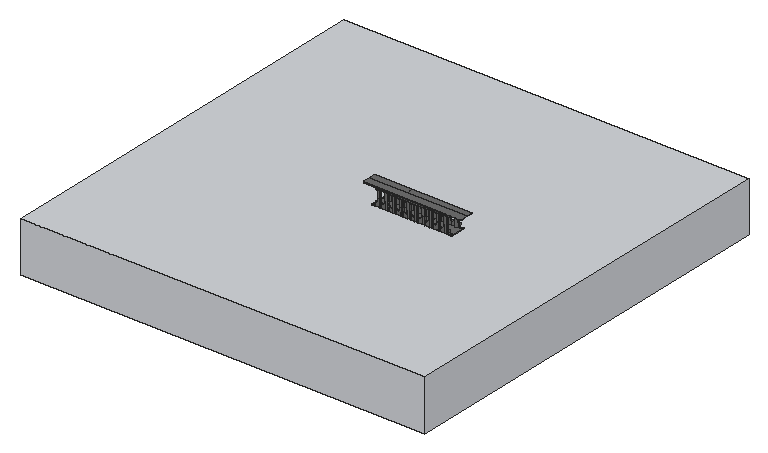
Revit family
Parameters
  Weight = 2.114 lbf
  U/M = "EA"
  U Space = "2"
  System = "Racks, Cable Mgt & RouteIT"
  Serial Number = "RS-RWM-2"
  Segment = "CSS"
  Ports = "0"
  Model = "CABLE MANAGER"
  Metal = none
  Manufacturer = "SIEMON"
  Loaded/Empty = "N/A"
  Item Group = "RACKS"
  Item Class = "1D"
  Description = "RS RACK MOUNT CABLE MANAGER  W/ COVER,BLACK,SINGLE SIDED,2RMS"
  Default Elevation = 4' - 0"
  Color = ""
Reference planes (in)
  plane 1 "Center (Front/Back)": y = 0
  plane 2: z = 0
  plane 3 "Center (Left/Right)": x = 0
Forms (in)
  Extrusion 1, solid
    sketch origin (0, 0, 0) x (1, 0, 0) y (0, 1, 0)
      loop
        line (-48, 48) -> (-48, -48) -> (48, -48) -> (48, 48) -> (-48, 48)
    from 0 to -12
Dimensions and locks (in)
  aligned and locked: plane 2 to Extrusion 1
  aligned and locked: level to Extrusion 1
Nested families (in)
  nested 1: "RS-RWM-2[1][1]" at (9.24416, -3.16647, -1.91527) x (0, 1, 0) z (0, 0, 1), type "RS-RWM-2[1][1]"
Definition of nested family "RS-RWM-2[1][1]"
  Parameters (values of type "RS-RWM-2[1][1]")
    Width = 0.48
    Weight = "1 kgs (2.1 lbs)"
    UL Rating = "UL 1863"
    U Space / Capacity = "2U"
    Text1 = Symbol
    Text = Text
    Part Number = "RS-RWM-2"
    Material = Aluminum w/plastic fingers
    Manufacturer contact info/website = "www.siemon.com"
    Manufacturer = "Siemon"
    Height = 0.089
    Description = "Horizontal Cable Manager"
    Depth = 0.102
    Clearance = "89mm (3.5 in.) Front"
    Assembly Code = ""
  Reference planes (in)
    plane 1: z = 1.91527
    plane 2 "Center (Left/Right)": x = 1.66967
    plane 3: y = 0
    plane 4: y = 0
    plane 5: y = -0.79466
    plane 6: y = -0.79466
    plane 7: z = 1.73226
    plane 8: y = 0.07873
  Forms (in)
    Blend 1, solid, material "Aluminum w/plastic fingers" <- "Material"
      base sketch origin (18.22169, 6.00134, 1.93377) x (0, 1, 0) y (0.999657, 0, 0.026177)
        loop
          arc (-7.07514, -18.16629) -> (-6.796, -17.88715) -> (-6.51686, -18.16629) r 0.27914
          line (-6.51686, -18.16629) -> (-5.32317, -18.16629)
          arc (-5.32317, -18.16629) -> (-5.04403, -17.88715) -> (-4.76489, -18.16629) r 0.27914
          line (-4.76489, -18.16629) -> (-3.57121, -18.16629)
          arc (-3.57121, -18.16629) -> (-3.29206, -17.88715) -> (-3.01292, -18.16629) r 0.27914
          line (-3.01292, -18.16629) -> (-1.81924, -18.16629)
          arc (-1.81924, -18.16629) -> (-1.5401, -17.88715) -> (-1.26095, -18.16629) r 0.27914
          line (-1.26095, -18.16629) -> (-0.06727, -18.16629)
          arc (-0.06727, -18.16629) -> (0.21187, -17.88715) -> (0.49102, -18.16629) r 0.27914
          line (0.49102, -18.16629) -> (1.6847, -18.16629)
          arc (1.6847, -18.16629) -> (1.96384, -17.88715) -> (2.24298, -18.16629) r 0.27914
          line (2.24298, -18.16629) -> (2.83983, -18.16629) -> (2.83983, -18.07653) -> (2.32166, -18.07653)
          arc (2.32166, -18.07653) -> (1.96384, -17.79739) -> (1.60602, -18.07653) r 0.36891
          line (1.60602, -18.07653) -> (0.56969, -18.07653)
          arc (0.56969, -18.07653) -> (0.21187, -17.79739) -> (-0.14595, -18.07653) r 0.36891
          line (-0.14595, -18.07653) -> (-1.18228, -18.07653)
          arc (-1.18228, -18.07653) -> (-1.5401, -17.79739) -> (-1.89791, -18.07653) r 0.36891
          line (-1.89791, -18.07653) -> (-2.93424, -18.07653)
          arc (-2.93424, -18.07653) -> (-3.29206, -17.79739) -> (-3.64988, -18.07653) r 0.36891
          line (-3.64988, -18.07653) -> (-4.68621, -18.07653)
          arc (-4.68621, -18.07653) -> (-5.04403, -17.79739) -> (-5.40185, -18.07653) r 0.36891
          line (-5.40185, -18.07653) -> (-6.43818, -18.07653)
          arc (-6.43818, -18.07653) -> (-6.796, -17.79739) -> (-7.15382, -18.07653) r 0.36891
          line (-7.15382, -18.07653) -> (-8.19015, -18.07653)
          arc (-8.19015, -18.07653) -> (-8.54797, -17.79739) -> (-8.90579, -18.07653) r 0.36891
          line (-8.90579, -18.07653) -> (-9.94212, -18.07653)
          arc (-9.94212, -18.07653) -> (-10.29994, -17.79739) -> (-10.65776, -18.07653) r 0.36891
          line (-10.65776, -18.07653) -> (-11.69409, -18.07653)
          arc (-11.69409, -18.07653) -> (-12.05191, -17.79739) -> (-12.40973, -18.07653) r 0.36891
          line (-12.40973, -18.07653) -> (-13.44606, -18.07653)
          arc (-13.44606, -18.07653) -> (-13.80387, -17.79739) -> (-14.16169, -18.07653) r 0.36891
          line (-14.16169, -18.07653) -> (-14.67986, -18.07653) -> (-14.67986, -18.16629) -> (-14.08302, -18.16629)
          arc (-14.08302, -18.16629) -> (-13.80387, -17.88715) -> (-13.52473, -18.16629) r 0.27914
          line (-13.52473, -18.16629) -> (-12.33105, -18.16629)
          arc (-12.33105, -18.16629) -> (-12.05191, -17.88715) -> (-11.77276, -18.16629) r 0.27914
          line (-11.77276, -18.16629) -> (-10.57908, -18.16629)
          arc (-10.57908, -18.16629) -> (-10.29994, -17.88715) -> (-10.0208, -18.16629) r 0.27914
          line (-10.0208, -18.16629) -> (-8.82711, -18.16629)
          arc (-8.82711, -18.16629) -> (-8.54797, -17.88715) -> (-8.26883, -18.16629) r 0.27914
          line (-8.26883, -18.16629) -> (-7.07514, -18.16629)
      top sketch origin (18.22169, 6.00134, 1.93377) x (0, 1, 0) y (0.999657, 0, 0.026177)
        loop
          arc (-7.00762, -18.16629) -> (-6.796, -17.95468) -> (-6.58439, -18.16629) r 0.21161
          line (-6.58439, -18.16629) -> (-5.25565, -18.16629)
          arc (-5.25565, -18.16629) -> (-5.04403, -17.95468) -> (-4.83242, -18.16629) r 0.21161
          line (-4.83242, -18.16629) -> (-3.50368, -18.16629)
          arc (-3.50368, -18.16629) -> (-3.29206, -17.95468) -> (-3.08045, -18.16629) r 0.21161
          line (-3.08045, -18.16629) -> (-1.75171, -18.16629)
          arc (-1.75171, -18.16629) -> (-1.5401, -17.95468) -> (-1.32848, -18.16629) r 0.21161
          line (-1.32848, -18.16629) -> (0.00026, -18.16629)
          arc (0.00026, -18.16629) -> (0.21187, -17.95468) -> (0.42349, -18.16629) r 0.21161
          line (0.42349, -18.16629) -> (1.75223, -18.16629)
          arc (1.75223, -18.16629) -> (1.96384, -17.95468) -> (2.17546, -18.16629) r 0.21161
          line (2.17546, -18.16629) -> (2.83983, -18.16629) -> (2.83983, -18.07653) -> (2.32166, -18.07653)
          arc (2.32166, -18.07653) -> (1.96384, -17.79739) -> (1.60602, -18.07653) r 0.36891
          line (1.60602, -18.07653) -> (0.56969, -18.07653)
          arc (0.56969, -18.07653) -> (0.21187, -17.79739) -> (-0.14595, -18.07653) r 0.36891
          line (-0.14595, -18.07653) -> (-1.18228, -18.07653)
          arc (-1.18228, -18.07653) -> (-1.5401, -17.79739) -> (-1.89791, -18.07653) r 0.36891
          line (-1.89791, -18.07653) -> (-2.93424, -18.07653)
          arc (-2.93424, -18.07653) -> (-3.29206, -17.79739) -> (-3.64988, -18.07653) r 0.36891
          line (-3.64988, -18.07653) -> (-4.68621, -18.07653)
          arc (-4.68621, -18.07653) -> (-5.04403, -17.79739) -> (-5.40185, -18.07653) r 0.36891
          line (-5.40185, -18.07653) -> (-6.43818, -18.07653)
          arc (-6.43818, -18.07653) -> (-6.796, -17.79739) -> (-7.15382, -18.07653) r 0.36891
          line (-7.15382, -18.07653) -> (-8.19015, -18.07653)
          arc (-8.19015, -18.07653) -> (-8.54797, -17.79739) -> (-8.90579, -18.07653) r 0.36891
          line (-8.90579, -18.07653) -> (-9.94212, -18.07653)
          arc (-9.94212, -18.07653) -> (-10.29994, -17.79739) -> (-10.65776, -18.07653) r 0.36891
          line (-10.65776, -18.07653) -> (-11.69409, -18.07653)
          arc (-11.69409, -18.07653) -> (-12.05191, -17.79739) -> (-12.40973, -18.07653) r 0.36891
          line (-12.40973, -18.07653) -> (-13.44606, -18.07653)
          arc (-13.44606, -18.07653) -> (-13.80387, -17.79739) -> (-14.16169, -18.07653) r 0.36891
          line (-14.16169, -18.07653) -> (-14.67986, -18.07653) -> (-14.67986, -18.16629) -> (-14.01549, -18.16629)
          arc (-14.01549, -18.16629) -> (-13.80387, -17.95468) -> (-13.59226, -18.16629) r 0.21161
          line (-13.59226, -18.16629) -> (-12.26352, -18.16629)
          arc (-12.26352, -18.16629) -> (-12.05191, -17.95468) -> (-11.84029, -18.16629) r 0.21161
          line (-11.84029, -18.16629) -> (-10.51155, -18.16629)
          arc (-10.51155, -18.16629) -> (-10.29994, -17.95468) -> (-10.08832, -18.16629) r 0.21161
          line (-10.08832, -18.16629) -> (-8.75958, -18.16629)
          arc (-8.75958, -18.16629) -> (-8.54797, -17.95468) -> (-8.33636, -18.16629) r 0.21161
          line (-8.33636, -18.16629) -> (-7.00762, -18.16629)
      from -4.05861 to -0.36437
    Extrusion 2, solid, material "Aluminum w/plastic fingers" <- "Material"
      sketch origin (3.40773, -1.00654, 0.54386) x (0, 0, 1) y (1, 0, 0)
        loop
          circle (5.12793, -3.29927) r 0.15718
      from -0.46101 to 0.8801
    Extrusion 3, solid, material "Aluminum w/plastic fingers" <- "Material"
      sketch origin (3.40773, -2.75799, 0.54386) x (0, 0, 1) y (1, 0, 0)
        loop
          circle (5.12793, -3.29927) r 0.15718
      from -0.46101 to 0.8801
    Extrusion 4, solid, material "Aluminum w/plastic fingers" <- "Material"
      sketch origin (3.40773, -4.50944, 0.54386) x (0, 0, 1) y (1, 0, 0)
        loop
          circle (5.12793, -3.29927) r 0.15718
      from -0.46101 to 0.8801
    Extrusion 5, solid, material "Aluminum w/plastic fingers" <- "Material"
      sketch origin (3.40773, -6.26089, 0.54386) x (0, 0, 1) y (1, 0, 0)
        loop
          circle (5.12793, -3.29927) r 0.15718
      from -0.46101 to 0.8801
    Extrusion 6, solid, material "Aluminum w/plastic fingers" <- "Material"
      sketch origin (3.40773, -8.01234, 0.54386) x (0, 0, 1) y (1, 0, 0)
        loop
          circle (5.12793, -3.29927) r 0.15718
      from -0.46101 to 0.8801
    Extrusion 7, solid, material "Aluminum w/plastic fingers" <- "Material"
      sketch origin (3.40773, 0.76512, 0.54386) x (0, 0, 1) y (1, 0, 0)
        loop
          circle (5.12793, -3.29927) r 0.15718
      from -0.46101 to 0.8801
    Extrusion 8, solid, material "Aluminum w/plastic fingers" <- "Material"
      sketch origin (3.40773, 2.49636, 0.54386) x (0, 0, 1) y (1, 0, 0)
        loop
          circle (5.12793, -3.29927) r 0.15718
      from -0.46101 to 0.8801
    Extrusion 9, solid, material "Aluminum w/plastic fingers" <- "Material"
      sketch origin (3.40773, 4.24781, 0.54386) x (0, 0, 1) y (1, 0, 0)
        loop
          circle (5.12793, -3.29927) r 0.15718
      from -0.46101 to 0.8801
    Extrusion 10, solid, material "Aluminum w/plastic fingers" <- "Material"
      sketch origin (3.40773, 5.99927, 0.54386) x (0, 0, 1) y (1, 0, 0)
        loop
          circle (5.12793, -3.29927) r 0.15718
      from -0.46101 to 0.8801
    Extrusion 11, solid, material "Aluminum w/plastic fingers" <- "Material"
      sketch origin (3.40773, 7.75072, 0.54386) x (0, 0, 1) y (1, 0, 0)
        loop
          circle (5.12793, -3.29927) r 0.15718
      from -0.46101 to 0.8801
    Extrusion 12, void
      sketch origin (3.40011, -1.00654, 3.10323) x (0, 1, 0) y (0, 0, -1)
        loop
          line (5.83343, 0.11685) -> (5.83343, -2.32449)
          arc (5.83343, -2.32449) -> (5.86226, -2.39409) -> (5.93186, -2.42291) r 0.09843
          line (5.93186, -2.42291) -> (6.74738, -2.42291)
          arc (6.74738, -2.42291) -> (6.81698, -2.39409) -> (6.84581, -2.32449) r 0.09843
          line (6.84581, -2.32449) -> (6.84581, 0.11685)
          arc (6.84581, 0.11685) -> (6.81698, 0.18645) -> (6.74738, 0.21528) r 0.09843
          line (6.74738, 0.21528) -> (5.93186, 0.21528)
          arc (5.93186, 0.21528) -> (5.86226, 0.18645) -> (5.83343, 0.11685) r 0.09843
      from 2.95632 to 3.49886
    Extrusion 13, void
      sketch origin (3.40011, -2.75799, 3.10323) x (0, 1, 0) y (0, 0, -1)
        loop
          line (5.83343, 0.11685) -> (5.83343, -2.32449)
          arc (5.83343, -2.32449) -> (5.86226, -2.39409) -> (5.93186, -2.42291) r 0.09843
          line (5.93186, -2.42291) -> (6.74738, -2.42291)
          arc (6.74738, -2.42291) -> (6.81698, -2.39409) -> (6.84581, -2.32449) r 0.09843
          line (6.84581, -2.32449) -> (6.84581, 0.11685)
          arc (6.84581, 0.11685) -> (6.81698, 0.18645) -> (6.74738, 0.21528) r 0.09843
          line (6.74738, 0.21528) -> (5.93186, 0.21528)
          arc (5.93186, 0.21528) -> (5.86226, 0.18645) -> (5.83343, 0.11685) r 0.09843
      from 2.95632 to 3.49886
    Extrusion 14, void
      sketch origin (3.40011, -4.50944, 3.10323) x (0, 1, 0) y (0, 0, -1)
        loop
          line (5.83343, 0.11685) -> (5.83343, -2.32449)
          arc (5.83343, -2.32449) -> (5.86226, -2.39409) -> (5.93186, -2.42291) r 0.09843
          line (5.93186, -2.42291) -> (6.74738, -2.42291)
          arc (6.74738, -2.42291) -> (6.81698, -2.39409) -> (6.84581, -2.32449) r 0.09843
          line (6.84581, -2.32449) -> (6.84581, 0.11685)
          arc (6.84581, 0.11685) -> (6.81698, 0.18645) -> (6.74738, 0.21528) r 0.09843
          line (6.74738, 0.21528) -> (5.93186, 0.21528)
          arc (5.93186, 0.21528) -> (5.86226, 0.18645) -> (5.83343, 0.11685) r 0.09843
      from 2.95632 to 3.49886
    Extrusion 15, void
      sketch origin (3.40011, -6.26089, 3.10323) x (0, 1, 0) y (0, 0, -1)
        loop
          line (5.83343, 0.11685) -> (5.83343, -2.32449)
          arc (5.83343, -2.32449) -> (5.86226, -2.39409) -> (5.93186, -2.42291) r 0.09843
          line (5.93186, -2.42291) -> (6.74738, -2.42291)
          arc (6.74738, -2.42291) -> (6.81698, -2.39409) -> (6.84581, -2.32449) r 0.09843
          line (6.84581, -2.32449) -> (6.84581, 0.11685)
          arc (6.84581, 0.11685) -> (6.81698, 0.18645) -> (6.74738, 0.21528) r 0.09843
          line (6.74738, 0.21528) -> (5.93186, 0.21528)
          arc (5.93186, 0.21528) -> (5.86226, 0.18645) -> (5.83343, 0.11685) r 0.09843
      from 2.95632 to 3.49886
    Extrusion 16, void
      sketch origin (3.40011, -8.01234, 3.10323) x (0, 1, 0) y (0, 0, -1)
        loop
          line (5.83343, 0.11685) -> (5.83343, -2.32449)
          arc (5.83343, -2.32449) -> (5.86226, -2.39409) -> (5.93186, -2.42291) r 0.09843
          line (5.93186, -2.42291) -> (6.74738, -2.42291)
          arc (6.74738, -2.42291) -> (6.81698, -2.39409) -> (6.84581, -2.32449) r 0.09843
          line (6.84581, -2.32449) -> (6.84581, 0.11685)
          arc (6.84581, 0.11685) -> (6.81698, 0.18645) -> (6.74738, 0.21528) r 0.09843
          line (6.74738, 0.21528) -> (5.93186, 0.21528)
          arc (5.93186, 0.21528) -> (5.86226, 0.18645) -> (5.83343, 0.11685) r 0.09843
      from 2.95632 to 3.49886
    Extrusion 17, void
      sketch origin (3.40011, -9.76379, 3.10323) x (0, 1, 0) y (0, 0, -1)
        loop
          line (5.83343, 0.11685) -> (5.83343, -2.32449)
          arc (5.83343, -2.32449) -> (5.86226, -2.39409) -> (5.93186, -2.42291) r 0.09843
          line (5.93186, -2.42291) -> (6.74738, -2.42291)
          arc (6.74738, -2.42291) -> (6.81698, -2.39409) -> (6.84581, -2.32449) r 0.09843
          line (6.84581, -2.32449) -> (6.84581, 0.11685)
          arc (6.84581, 0.11685) -> (6.81698, 0.18645) -> (6.74738, 0.21528) r 0.09843
          line (6.74738, 0.21528) -> (5.93186, 0.21528)
          arc (5.93186, 0.21528) -> (5.86226, 0.18645) -> (5.83343, 0.11685) r 0.09843
      from 2.95632 to 3.49886
    Extrusion 18, void
      sketch origin (3.40011, -11.51524, 3.10323) x (0, 1, 0) y (0, 0, -1)
        loop
          line (5.83343, 0.11685) -> (5.83343, -2.32449)
          arc (5.83343, -2.32449) -> (5.86226, -2.39409) -> (5.93186, -2.42291) r 0.09843
          line (5.93186, -2.42291) -> (6.74738, -2.42291)
          arc (6.74738, -2.42291) -> (6.81698, -2.39409) -> (6.84581, -2.32449) r 0.09843
          line (6.84581, -2.32449) -> (6.84581, 0.11685)
          arc (6.84581, 0.11685) -> (6.81698, 0.18645) -> (6.74738, 0.21528) r 0.09843
          line (6.74738, 0.21528) -> (5.93186, 0.21528)
          arc (5.93186, 0.21528) -> (5.86226, 0.18645) -> (5.83343, 0.11685) r 0.09843
      from 2.95632 to 3.49886
    Extrusion 19, void
      sketch origin (3.40011, -13.26669, 3.10323) x (0, 1, 0) y (0, 0, -1)
        loop
          line (5.83343, 0.11685) -> (5.83343, -2.32449)
          arc (5.83343, -2.32449) -> (5.86226, -2.39409) -> (5.93186, -2.42291) r 0.09843
          line (5.93186, -2.42291) -> (6.74738, -2.42291)
          arc (6.74738, -2.42291) -> (6.81698, -2.39409) -> (6.84581, -2.32449) r 0.09843
          line (6.84581, -2.32449) -> (6.84581, 0.11685)
          arc (6.84581, 0.11685) -> (6.81698, 0.18645) -> (6.74738, 0.21528) r 0.09843
          line (6.74738, 0.21528) -> (5.93186, 0.21528)
          arc (5.93186, 0.21528) -> (5.86226, 0.18645) -> (5.83343, 0.11685) r 0.09843
      from 2.95632 to 3.49886
    Extrusion 20, void
      sketch origin (3.40011, -15.01814, 3.10323) x (0, 1, 0) y (0, 0, -1)
        loop
          line (5.83343, 0.11685) -> (5.83343, -2.32449)
          arc (5.83343, -2.32449) -> (5.86226, -2.39409) -> (5.93186, -2.42291) r 0.09843
          line (5.93186, -2.42291) -> (6.74738, -2.42291)
          arc (6.74738, -2.42291) -> (6.81698, -2.39409) -> (6.84581, -2.32449) r 0.09843
          line (6.84581, -2.32449) -> (6.84581, 0.11685)
          arc (6.84581, 0.11685) -> (6.81698, 0.18645) -> (6.74738, 0.21528) r 0.09843
          line (6.74738, 0.21528) -> (5.93186, 0.21528)
          arc (5.93186, 0.21528) -> (5.86226, 0.18645) -> (5.83343, 0.11685) r 0.09843
      from 2.95632 to 3.49886
    Extrusion 21, void
      sketch origin (3.40011, 0.74491, 3.10323) x (0, 1, 0) y (0, 0, -1)
        loop
          line (5.83343, 0.11685) -> (5.83343, -2.32449)
          arc (5.83343, -2.32449) -> (5.86226, -2.39409) -> (5.93186, -2.42291) r 0.09843
          line (5.93186, -2.42291) -> (6.74738, -2.42291)
          arc (6.74738, -2.42291) -> (6.81698, -2.39409) -> (6.84581, -2.32449) r 0.09843
          line (6.84581, -2.32449) -> (6.84581, 0.11685)
          arc (6.84581, 0.11685) -> (6.81698, 0.18645) -> (6.74738, 0.21528) r 0.09843
          line (6.74738, 0.21528) -> (5.93186, 0.21528)
          arc (5.93186, 0.21528) -> (5.86226, 0.18645) -> (5.83343, 0.11685) r 0.09843
      from 2.95632 to 3.49886
    Extrusion 22, void
      sketch origin (3.40011, 2.49636, 3.10323) x (0, 1, 0) y (0, 0, -1)
        loop
          line (5.83343, 0.11685) -> (5.83343, -2.32449)
          arc (5.83343, -2.32449) -> (5.86226, -2.39409) -> (5.93186, -2.42291) r 0.09843
          line (5.93186, -2.42291) -> (6.74738, -2.42291)
          arc (6.74738, -2.42291) -> (6.81698, -2.39409) -> (6.84581, -2.32449) r 0.09843
          line (6.84581, -2.32449) -> (6.84581, 0.11685)
          arc (6.84581, 0.11685) -> (6.81698, 0.18645) -> (6.74738, 0.21528) r 0.09843
          line (6.74738, 0.21528) -> (5.93186, 0.21528)
          arc (5.93186, 0.21528) -> (5.86226, 0.18645) -> (5.83343, 0.11685) r 0.09843
      from 2.95632 to 3.49886
    Blend 23, solid, material "Aluminum w/plastic fingers" <- "Material"
      base sketch origin (-14.88599, 6.00134, 1.93377) x (0, 1, 0) y (0.999657, 0, -0.026177)
        loop
          line (-7.07514, 18.16629) -> (-8.26883, 18.16629)
          arc (-8.26883, 18.16629) -> (-8.54797, 17.88715) -> (-8.82711, 18.16629) r 0.27914
          line (-8.82711, 18.16629) -> (-10.0208, 18.16629)
          arc (-10.0208, 18.16629) -> (-10.29994, 17.88715) -> (-10.57908, 18.16629) r 0.27914
          line (-10.57908, 18.16629) -> (-11.77276, 18.16629)
          arc (-11.77276, 18.16629) -> (-12.05191, 17.88715) -> (-12.33105, 18.16629) r 0.27914
          line (-12.33105, 18.16629) -> (-13.52473, 18.16629)
          arc (-13.52473, 18.16629) -> (-13.80387, 17.88715) -> (-14.08302, 18.16629) r 0.27914
          line (-14.08302, 18.16629) -> (-14.67986, 18.16629) -> (-14.67986, 18.07653) -> (-14.16169, 18.07653)
          arc (-14.16169, 18.07653) -> (-13.80387, 17.79739) -> (-13.44606, 18.07653) r 0.36891
          line (-13.44606, 18.07653) -> (-12.40973, 18.07653)
          arc (-12.40973, 18.07653) -> (-12.05191, 17.79739) -> (-11.69409, 18.07653) r 0.36891
          line (-11.69409, 18.07653) -> (-10.65776, 18.07653)
          arc (-10.65776, 18.07653) -> (-10.29994, 17.79739) -> (-9.94212, 18.07653) r 0.36891
          line (-9.94212, 18.07653) -> (-8.90579, 18.07653)
          arc (-8.90579, 18.07653) -> (-8.54797, 17.79739) -> (-8.19015, 18.07653) r 0.36891
          line (-8.19015, 18.07653) -> (-7.15382, 18.07653)
          arc (-7.15382, 18.07653) -> (-6.796, 17.79739) -> (-6.43818, 18.07653) r 0.36891
          line (-6.43818, 18.07653) -> (-5.40185, 18.07653)
          arc (-5.40185, 18.07653) -> (-5.04403, 17.79739) -> (-4.68621, 18.07653) r 0.36891
          line (-4.68621, 18.07653) -> (-3.64988, 18.07653)
          arc (-3.64988, 18.07653) -> (-3.29206, 17.79739) -> (-2.93424, 18.07653) r 0.36891
          line (-2.93424, 18.07653) -> (-1.89791, 18.07653)
          arc (-1.89791, 18.07653) -> (-1.5401, 17.79739) -> (-1.18228, 18.07653) r 0.36891
          line (-1.18228, 18.07653) -> (-0.14595, 18.07653)
          arc (-0.14595, 18.07653) -> (0.21187, 17.79739) -> (0.56969, 18.07653) r 0.36891
          line (0.56969, 18.07653) -> (1.60602, 18.07653)
          arc (1.60602, 18.07653) -> (1.96384, 17.79739) -> (2.32166, 18.07653) r 0.36891
          line (2.32166, 18.07653) -> (2.83983, 18.07653) -> (2.83983, 18.16629) -> (2.24298, 18.16629)
          arc (2.24298, 18.16629) -> (1.96384, 17.88715) -> (1.6847, 18.16629) r 0.27914
          line (1.6847, 18.16629) -> (0.49102, 18.16629)
          arc (0.49102, 18.16629) -> (0.21187, 17.88715) -> (-0.06727, 18.16629) r 0.27914
          line (-0.06727, 18.16629) -> (-1.26095, 18.16629)
          arc (-1.26095, 18.16629) -> (-1.5401, 17.88715) -> (-1.81924, 18.16629) r 0.27914
          line (-1.81924, 18.16629) -> (-3.01292, 18.16629)
          arc (-3.01292, 18.16629) -> (-3.29206, 17.88715) -> (-3.57121, 18.16629) r 0.27914
          line (-3.57121, 18.16629) -> (-4.76489, 18.16629)
          arc (-4.76489, 18.16629) -> (-5.04403, 17.88715) -> (-5.32317, 18.16629) r 0.27914
          line (-5.32317, 18.16629) -> (-6.51686, 18.16629)
          arc (-6.51686, 18.16629) -> (-6.796, 17.88715) -> (-7.07514, 18.16629) r 0.27914
      top sketch origin (-14.88599, 6.00134, 1.93377) x (0, 1, 0) y (0.999657, 0, -0.026177)
        loop
          line (-7.00762, 18.16629) -> (-8.33636, 18.16629)
          arc (-8.33636, 18.16629) -> (-8.54797, 17.95468) -> (-8.75958, 18.16629) r 0.21161
          line (-8.75958, 18.16629) -> (-10.08832, 18.16629)
          arc (-10.08832, 18.16629) -> (-10.29994, 17.95468) -> (-10.51155, 18.16629) r 0.21161
          line (-10.51155, 18.16629) -> (-11.84029, 18.16629)
          arc (-11.84029, 18.16629) -> (-12.05191, 17.95468) -> (-12.26352, 18.16629) r 0.21161
          line (-12.26352, 18.16629) -> (-13.59226, 18.16629)
          arc (-13.59226, 18.16629) -> (-13.80387, 17.95468) -> (-14.01549, 18.16629) r 0.21161
          line (-14.01549, 18.16629) -> (-14.67986, 18.16629) -> (-14.67986, 18.07653) -> (-14.16169, 18.07653)
          arc (-14.16169, 18.07653) -> (-13.80387, 17.79739) -> (-13.44606, 18.07653) r 0.36891
          line (-13.44606, 18.07653) -> (-12.40973, 18.07653)
          arc (-12.40973, 18.07653) -> (-12.05191, 17.79739) -> (-11.69409, 18.07653) r 0.36891
          line (-11.69409, 18.07653) -> (-10.65776, 18.07653)
          arc (-10.65776, 18.07653) -> (-10.29994, 17.79739) -> (-9.94212, 18.07653) r 0.36891
          line (-9.94212, 18.07653) -> (-8.90579, 18.07653)
          arc (-8.90579, 18.07653) -> (-8.54797, 17.79739) -> (-8.19015, 18.07653) r 0.36891
          line (-8.19015, 18.07653) -> (-7.15382, 18.07653)
          arc (-7.15382, 18.07653) -> (-6.796, 17.79739) -> (-6.43818, 18.07653) r 0.36891
          line (-6.43818, 18.07653) -> (-5.40185, 18.07653)
          arc (-5.40185, 18.07653) -> (-5.04403, 17.79739) -> (-4.68621, 18.07653) r 0.36891
          line (-4.68621, 18.07653) -> (-3.64988, 18.07653)
          arc (-3.64988, 18.07653) -> (-3.29206, 17.79739) -> (-2.93424, 18.07653) r 0.36891
          line (-2.93424, 18.07653) -> (-1.89791, 18.07653)
          arc (-1.89791, 18.07653) -> (-1.5401, 17.79739) -> (-1.18228, 18.07653) r 0.36891
          line (-1.18228, 18.07653) -> (-0.14595, 18.07653)
          arc (-0.14595, 18.07653) -> (0.21187, 17.79739) -> (0.56969, 18.07653) r 0.36891
          line (0.56969, 18.07653) -> (1.60602, 18.07653)
          arc (1.60602, 18.07653) -> (1.96384, 17.79739) -> (2.32166, 18.07653) r 0.36891
          line (2.32166, 18.07653) -> (2.83983, 18.07653) -> (2.83983, 18.16629) -> (2.17546, 18.16629)
          arc (2.17546, 18.16629) -> (1.96384, 17.95468) -> (1.75223, 18.16629) r 0.21161
          line (1.75223, 18.16629) -> (0.42349, 18.16629)
          arc (0.42349, 18.16629) -> (0.21187, 17.95468) -> (0.00026, 18.16629) r 0.21161
          line (0.00026, 18.16629) -> (-1.32848, 18.16629)
          arc (-1.32848, 18.16629) -> (-1.5401, 17.95468) -> (-1.75171, 18.16629) r 0.21161
          line (-1.75171, 18.16629) -> (-3.08045, 18.16629)
          arc (-3.08045, 18.16629) -> (-3.29206, 17.95468) -> (-3.50368, 18.16629) r 0.21161
          line (-3.50368, 18.16629) -> (-4.83242, 18.16629)
          arc (-4.83242, 18.16629) -> (-5.04403, 17.95468) -> (-5.25565, 18.16629) r 0.21161
          line (-5.25565, 18.16629) -> (-6.58439, 18.16629)
          arc (-6.58439, 18.16629) -> (-6.796, 17.95468) -> (-7.00762, 18.16629) r 0.21161
      from -4.05861 to -0.36437
    Extrusion 24, solid, material "Aluminum w/plastic fingers" <- "Material"
      sketch origin (-0.07203, -1.00654, 0.54386) x (0, 0, 1) y (1, 0, 0)
        loop
          circle (5.12793, 3.29927) r 0.15718
      from -0.46101 to 0.8801
    Extrusion 25, solid, material "Aluminum w/plastic fingers" <- "Material"
      sketch origin (-0.07203, -2.75799, 0.54386) x (0, 0, 1) y (1, 0, 0)
        loop
          circle (5.12793, 3.29927) r 0.15718
      from -0.46101 to 0.8801
    Extrusion 26, solid, material "Aluminum w/plastic fingers" <- "Material"
      sketch origin (-0.07203, -4.50944, 0.54386) x (0, 0, 1) y (1, 0, 0)
        loop
          circle (5.12793, 3.29927) r 0.15718
      from -0.46101 to 0.8801
    Extrusion 27, solid, material "Aluminum w/plastic fingers" <- "Material"
      sketch origin (-0.07203, -6.26089, 0.54386) x (0, 0, 1) y (1, 0, 0)
        loop
          circle (5.12793, 3.29927) r 0.15718
      from -0.46101 to 0.8801
    Extrusion 28, solid, material "Aluminum w/plastic fingers" <- "Material"
      sketch origin (-0.07203, -8.01234, 0.54386) x (0, 0, 1) y (1, 0, 0)
        loop
          circle (5.12793, 3.29927) r 0.15718
      from -0.46101 to 0.8801
    Extrusion 29, solid, material "Aluminum w/plastic fingers" <- "Material"
      sketch origin (-0.07203, 0.76512, 0.54386) x (0, 0, 1) y (1, 0, 0)
        loop
          circle (5.12793, 3.29927) r 0.15718
      from -0.46101 to 0.8801
    Extrusion 30, solid, material "Aluminum w/plastic fingers" <- "Material"
      sketch origin (-0.07203, 2.49636, 0.54386) x (0, 0, 1) y (1, 0, 0)
        loop
          circle (5.12793, 3.29927) r 0.15718
      from -0.46101 to 0.8801
    Extrusion 31, solid, material "Aluminum w/plastic fingers" <- "Material"
      sketch origin (-0.07203, 4.24781, 0.54386) x (0, 0, 1) y (1, 0, 0)
        loop
          circle (5.12793, 3.29927) r 0.15718
      from -0.46101 to 0.8801
    Extrusion 32, solid, material "Aluminum w/plastic fingers" <- "Material"
      sketch origin (-0.07203, 5.99927, 0.54386) x (0, 0, 1) y (1, 0, 0)
        loop
          circle (5.12793, 3.29927) r 0.15718
      from -0.46101 to 0.8801
    Extrusion 33, solid, material "Aluminum w/plastic fingers" <- "Material"
      sketch origin (-0.07203, 7.75072, 0.54386) x (0, 0, 1) y (1, 0, 0)
        loop
          circle (5.12793, 3.29927) r 0.15718
      from -0.46101 to 0.8801
    Extrusion 34, void
      sketch origin (0.09661, -1.00654, 3.19217) x (0, 1, 0) y (0, 0, 1)
        loop
          arc (5.83343, -0.11685) -> (5.86226, -0.18645) -> (5.93186, -0.21528) r 0.09843
          line (5.93186, -0.21528) -> (6.74738, -0.21528)
          arc (6.74738, -0.21528) -> (6.81698, -0.18645) -> (6.84581, -0.11685) r 0.09843
          line (6.84581, -0.11685) -> (6.84581, 2.32449)
          arc (6.84581, 2.32449) -> (6.81698, 2.39409) -> (6.74738, 2.42291) r 0.09843
          line (6.74738, 2.42291) -> (5.93186, 2.42291)
          arc (5.93186, 2.42291) -> (5.86226, 2.39409) -> (5.83343, 2.32449) r 0.09843
          line (5.83343, 2.32449) -> (5.83343, -0.11685)
      from 2.95632 to 3.49886
    Extrusion 35, void
      sketch origin (0.09661, -2.75799, 3.19217) x (0, 1, 0) y (0, 0, 1)
        loop
          arc (5.83343, -0.11685) -> (5.86226, -0.18645) -> (5.93186, -0.21528) r 0.09843
          line (5.93186, -0.21528) -> (6.74738, -0.21528)
          arc (6.74738, -0.21528) -> (6.81698, -0.18645) -> (6.84581, -0.11685) r 0.09843
          line (6.84581, -0.11685) -> (6.84581, 2.32449)
          arc (6.84581, 2.32449) -> (6.81698, 2.39409) -> (6.74738, 2.42291) r 0.09843
          line (6.74738, 2.42291) -> (5.93186, 2.42291)
          arc (5.93186, 2.42291) -> (5.86226, 2.39409) -> (5.83343, 2.32449) r 0.09843
          line (5.83343, 2.32449) -> (5.83343, -0.11685)
      from 2.95632 to 3.49886
    Extrusion 36, void
      sketch origin (0.09661, -4.50944, 3.19217) x (0, 1, 0) y (0, 0, 1)
        loop
          arc (5.83343, -0.11685) -> (5.86226, -0.18645) -> (5.93186, -0.21528) r 0.09843
          line (5.93186, -0.21528) -> (6.74738, -0.21528)
          arc (6.74738, -0.21528) -> (6.81698, -0.18645) -> (6.84581, -0.11685) r 0.09843
          line (6.84581, -0.11685) -> (6.84581, 2.32449)
          arc (6.84581, 2.32449) -> (6.81698, 2.39409) -> (6.74738, 2.42291) r 0.09843
          line (6.74738, 2.42291) -> (5.93186, 2.42291)
          arc (5.93186, 2.42291) -> (5.86226, 2.39409) -> (5.83343, 2.32449) r 0.09843
          line (5.83343, 2.32449) -> (5.83343, -0.11685)
      from 2.95632 to 3.49886
    Extrusion 37, void
      sketch origin (0.09661, -6.26089, 3.19217) x (0, 1, 0) y (0, 0, 1)
        loop
          arc (5.83343, -0.11685) -> (5.86226, -0.18645) -> (5.93186, -0.21528) r 0.09843
          line (5.93186, -0.21528) -> (6.74738, -0.21528)
          arc (6.74738, -0.21528) -> (6.81698, -0.18645) -> (6.84581, -0.11685) r 0.09843
          line (6.84581, -0.11685) -> (6.84581, 2.32449)
          arc (6.84581, 2.32449) -> (6.81698, 2.39409) -> (6.74738, 2.42291) r 0.09843
          line (6.74738, 2.42291) -> (5.93186, 2.42291)
          arc (5.93186, 2.42291) -> (5.86226, 2.39409) -> (5.83343, 2.32449) r 0.09843
          line (5.83343, 2.32449) -> (5.83343, -0.11685)
      from 2.95632 to 3.49886
    Extrusion 38, void
      sketch origin (0.09661, -8.01234, 3.19217) x (0, 1, 0) y (0, 0, 1)
        loop
          arc (5.83343, -0.11685) -> (5.86226, -0.18645) -> (5.93186, -0.21528) r 0.09843
          line (5.93186, -0.21528) -> (6.74738, -0.21528)
          arc (6.74738, -0.21528) -> (6.81698, -0.18645) -> (6.84581, -0.11685) r 0.09843
          line (6.84581, -0.11685) -> (6.84581, 2.32449)
          arc (6.84581, 2.32449) -> (6.81698, 2.39409) -> (6.74738, 2.42291) r 0.09843
          line (6.74738, 2.42291) -> (5.93186, 2.42291)
          arc (5.93186, 2.42291) -> (5.86226, 2.39409) -> (5.83343, 2.32449) r 0.09843
          line (5.83343, 2.32449) -> (5.83343, -0.11685)
      from 2.95632 to 3.49886
    Extrusion 39, void
      sketch origin (0.09661, -9.76379, 3.19217) x (0, 1, 0) y (0, 0, 1)
        loop
          arc (5.83343, -0.11685) -> (5.86226, -0.18645) -> (5.93186, -0.21528) r 0.09843
          line (5.93186, -0.21528) -> (6.74738, -0.21528)
          arc (6.74738, -0.21528) -> (6.81698, -0.18645) -> (6.84581, -0.11685) r 0.09843
          line (6.84581, -0.11685) -> (6.84581, 2.32449)
          arc (6.84581, 2.32449) -> (6.81698, 2.39409) -> (6.74738, 2.42291) r 0.09843
          line (6.74738, 2.42291) -> (5.93186, 2.42291)
          arc (5.93186, 2.42291) -> (5.86226, 2.39409) -> (5.83343, 2.32449) r 0.09843
          line (5.83343, 2.32449) -> (5.83343, -0.11685)
      from 2.95632 to 3.49886
    Extrusion 40, void
      sketch origin (0.09661, -11.51524, 3.19217) x (0, 1, 0) y (0, 0, 1)
        loop
          arc (5.83343, -0.11685) -> (5.86226, -0.18645) -> (5.93186, -0.21528) r 0.09843
          line (5.93186, -0.21528) -> (6.74738, -0.21528)
          arc (6.74738, -0.21528) -> (6.81698, -0.18645) -> (6.84581, -0.11685) r 0.09843
          line (6.84581, -0.11685) -> (6.84581, 2.32449)
          arc (6.84581, 2.32449) -> (6.81698, 2.39409) -> (6.74738, 2.42291) r 0.09843
          line (6.74738, 2.42291) -> (5.93186, 2.42291)
          arc (5.93186, 2.42291) -> (5.86226, 2.39409) -> (5.83343, 2.32449) r 0.09843
          line (5.83343, 2.32449) -> (5.83343, -0.11685)
      from 2.95632 to 3.49886
    Extrusion 41, void
      sketch origin (0.09661, -13.26669, 3.19217) x (0, 1, 0) y (0, 0, 1)
        loop
          arc (5.83343, -0.11685) -> (5.86226, -0.18645) -> (5.93186, -0.21528) r 0.09843
          line (5.93186, -0.21528) -> (6.74738, -0.21528)
          arc (6.74738, -0.21528) -> (6.81698, -0.18645) -> (6.84581, -0.11685) r 0.09843
          line (6.84581, -0.11685) -> (6.84581, 2.32449)
          arc (6.84581, 2.32449) -> (6.81698, 2.39409) -> (6.74738, 2.42291) r 0.09843
          line (6.74738, 2.42291) -> (5.93186, 2.42291)
          arc (5.93186, 2.42291) -> (5.86226, 2.39409) -> (5.83343, 2.32449) r 0.09843
          line (5.83343, 2.32449) -> (5.83343, -0.11685)
      from 2.95632 to 3.49886
    Extrusion 42, void
      sketch origin (0.09661, -15.01814, 3.19217) x (0, 1, 0) y (0, 0, 1)
        loop
          arc (5.83343, -0.11685) -> (5.86226, -0.18645) -> (5.93186, -0.21528) r 0.09843
          line (5.93186, -0.21528) -> (6.74738, -0.21528)
          arc (6.74738, -0.21528) -> (6.81698, -0.18645) -> (6.84581, -0.11685) r 0.09843
          line (6.84581, -0.11685) -> (6.84581, 2.32449)
          arc (6.84581, 2.32449) -> (6.81698, 2.39409) -> (6.74738, 2.42291) r 0.09843
          line (6.74738, 2.42291) -> (5.93186, 2.42291)
          arc (5.93186, 2.42291) -> (5.86226, 2.39409) -> (5.83343, 2.32449) r 0.09843
          line (5.83343, 2.32449) -> (5.83343, -0.11685)
      from 2.95632 to 3.49886
    Extrusion 43, void
      sketch origin (0.09661, 0.74491, 3.19217) x (0, 1, 0) y (0, 0, 1)
        loop
          arc (5.83343, -0.11685) -> (5.86226, -0.18645) -> (5.93186, -0.21528) r 0.09843
          line (5.93186, -0.21528) -> (6.74738, -0.21528)
          arc (6.74738, -0.21528) -> (6.81698, -0.18645) -> (6.84581, -0.11685) r 0.09843
          line (6.84581, -0.11685) -> (6.84581, 2.32449)
          arc (6.84581, 2.32449) -> (6.81698, 2.39409) -> (6.74738, 2.42291) r 0.09843
          line (6.74738, 2.42291) -> (5.93186, 2.42291)
          arc (5.93186, 2.42291) -> (5.86226, 2.39409) -> (5.83343, 2.32449) r 0.09843
          line (5.83343, 2.32449) -> (5.83343, -0.11685)
      from 2.95632 to 4.53112
    Extrusion 44, void
      sketch origin (0.09661, 2.49636, 3.19217) x (0, 1, 0) y (0, 0, 1)
        loop
          arc (5.83343, -0.11685) -> (5.86226, -0.18645) -> (5.93186, -0.21528) r 0.09843
          line (5.93186, -0.21528) -> (6.74738, -0.21528)
          arc (6.74738, -0.21528) -> (6.81698, -0.18645) -> (6.84581, -0.11685) r 0.09843
          line (6.84581, -0.11685) -> (6.84581, 2.32449)
          arc (6.84581, 2.32449) -> (6.81698, 2.39409) -> (6.74738, 2.42291) r 0.09843
          line (6.74738, 2.42291) -> (5.93186, 2.42291)
          arc (5.93186, 2.42291) -> (5.86226, 2.39409) -> (5.83343, 2.32449) r 0.09843
          line (5.83343, 2.32449) -> (5.83343, -0.11685)
      from 2.95632 to 3.49886
    Extrusion 45, solid, material "Aluminum w/plastic fingers" <- "Material"
      sketch origin (3.4032, -1.00654, 1.93219) x (0, 1, 0) y (-1, 0, 0)
        loop
          line (-8.42261, 3.41165) -> (-8.42261, 1.73535) -> (-8.42261, 0.05906)
          arc (-8.42261, 0.05906) -> (-8.40531, 0.0173) -> (-8.36355, 0) r 0.05906
          line (-8.36355, 0) -> (-7.79212, 0)
          arc (-7.79212, 0) -> (-7.74965, 0.01759) -> (-7.73205, 0.06007) r 0.06007
          line (-7.73205, 0.06007) -> (-7.73205, 0.35027) -> (-5.5667, 0.35027) -> (9.90259, 0.35027) -> (9.90259, 0.03835)
          arc (9.90259, 0.03835) -> (9.92018, -0.00412) -> (9.96265, -0.02172) r 0.06007
          line (9.96265, -0.02172) -> (10.53409, -0.02172)
          arc (10.53409, -0.02172) -> (10.57584, -0.00442) -> (10.59314, 0.03734) r 0.05906
          line (10.59314, 0.03734) -> (10.59314, 1.73535) -> (10.59314, 3.43336)
          arc (10.59314, 3.43336) -> (10.57584, 3.47512) -> (10.53409, 3.49242) r 0.05906
          line (10.53409, 3.49242) -> (9.96265, 3.49242)
          arc (9.96265, 3.49242) -> (9.92018, 3.47483) -> (9.90259, 3.43235) r 0.06007
          line (9.90259, 3.43235) -> (9.90259, 3.12043) -> (7.84855, 3.12043) -> (-7.73205, 3.12043) -> (-7.73205, 3.41064)
          arc (-7.73205, 3.41064) -> (-7.74965, 3.45311) -> (-7.79212, 3.4707) r 0.06007
          line (-7.79212, 3.4707) -> (-8.36355, 3.4707)
          arc (-8.36355, 3.4707) -> (-8.40531, 3.45341) -> (-8.42261, 3.41165) r 0.05906
        loop
          arc (-8.15753, 3.37563) -> (-8.29764, 3.23552) -> (-8.15753, 3.09541) r 0.14011
          line (-8.15753, 3.09541) -> (-8.03139, 3.09541)
          arc (-8.03139, 3.09541) -> (-7.89128, 3.23552) -> (-8.03139, 3.37563) r 0.14011
          line (-8.03139, 3.37563) -> (-8.15753, 3.37563)
        loop
          line (10.32807, 3.37563) -> (10.20192, 3.37563)
          arc (10.20192, 3.37563) -> (10.06181, 3.23552) -> (10.20192, 3.09541) r 0.14011
          line (10.20192, 3.09541) -> (10.32807, 3.09541)
          arc (10.32807, 3.09541) -> (10.46817, 3.23552) -> (10.32807, 3.37563) r 0.14011
        loop
          line (-8.15753, 0.09507) -> (-8.03139, 0.09507)
          arc (-8.03139, 0.09507) -> (-7.89128, 0.23518) -> (-8.03139, 0.37529) r 0.14011
          line (-8.03139, 0.37529) -> (-8.15753, 0.37529)
          arc (-8.15753, 0.37529) -> (-8.29764, 0.23518) -> (-8.15753, 0.09507) r 0.14011
        loop
          arc (10.32807, 0.09507) -> (10.46817, 0.23518) -> (10.32807, 0.37529) r 0.14011
          line (10.32807, 0.37529) -> (10.20192, 0.37529)
          arc (10.20192, 0.37529) -> (10.06181, 0.23518) -> (10.20192, 0.09507) r 0.14011
          line (10.20192, 0.09507) -> (10.32807, 0.09507)
      from 0 to 0.1
    Extrusion 46, solid, material "Aluminum w/plastic fingers" <- "Material"
      sketch origin (3.40011, -1.00654, 3.10323) x (0, 0, -1) y (-1, 0, 0)
        loop
          line (-2.97482, 3.4739) -> (-2.97482, 1.43661) -> (-2.97482, 0) -> (-2.8747, 0) -> (-2.8747, 1.42648) -> (-2.8747, 3.4739) -> (-2.97482, 3.4739)
      from -10.54679 to 12.7225
    Extrusion 47, void
      sketch origin (3.40011, -1.00654, 3.10323) x (0, 1, 0) y (-1, 0, 0)
        loop
          line (-10.36664, 3.4739) -> (-10.54679, 3.4739) -> (-10.54679, 3.2337)
          arc (-10.54679, 3.2337) -> (-10.49674, 3.38383) -> (-10.36664, 3.4739) r 0.25021
      from 2.73818 to 3.06992
    Extrusion 48, void
      sketch origin (-0.07335, -1.00654, 3.10323) x (0, 1, 0) y (-1, 0, 0)
        loop
          arc (-10.36664, -3.4739) -> (-10.49674, -3.38383) -> (-10.54679, -3.2337) r 0.25021
          line (-10.54679, -3.2337) -> (-10.54679, -3.4739) -> (-10.36664, -3.4739)
      from 2.73818 to 3.06992
    Extrusion 49, void
      sketch origin (3.40011, 1.16918, 3.10323) x (0, -1, 0) y (1, 0, 0)
        loop
          arc (-10.36664, -3.4739) -> (-10.49674, -3.38383) -> (-10.54679, -3.2337) r 0.25021
          line (-10.54679, -3.2337) -> (-10.54679, -3.4739) -> (-10.36664, -3.4739)
      from 2.73818 to 3.06992
    Extrusion 50, void
      sketch origin (-0.07335, 1.16918, 3.10323) x (0, -1, 0) y (1, 0, 0)
        loop
          line (-10.36664, 3.4739) -> (-10.54679, 3.4739) -> (-10.54679, 3.2337)
          arc (-10.54679, 3.2337) -> (-10.49674, 3.38383) -> (-10.36664, 3.4739) r 0.25021
      from 2.73818 to 3.06992
  Cuts and joins
    Extrusion 12, Extrusion 13, Extrusion 14, Extrusion 15, Extrusion 16, Extrusion 17, Extrusion 18, Extrusion 19, Extrusion 20, Extrusion 21, Extrusion 22 cuts Blend 1
    Extrusion 14, Extrusion 15 cuts Extrusion 8
    Extrusion 15, Extrusion 16 cuts Extrusion 7
    Extrusion 16, Extrusion 17 cuts Extrusion 2
    Extrusion 20 cuts Extrusion 6
    Extrusion 13, Extrusion 21, Extrusion 22 cuts Extrusion 10
    Extrusion 22 cuts Extrusion 11
    Extrusion 19, Extrusion 20 cuts Extrusion 5
    Extrusion 13, Extrusion 14, Extrusion 21 cuts Extrusion 9
    Extrusion 18, Extrusion 19 cuts Extrusion 4
    Extrusion 17, Extrusion 18 cuts Extrusion 3
    Extrusion 34, Extrusion 35, Extrusion 36, Extrusion 37, Extrusion 38, Extrusion 39, Extrusion 40, Extrusion 41, Extrusion 42, Extrusion 43, Extrusion 44 cuts Blend 23
    Extrusion 47, Extrusion 48, Extrusion 49, Extrusion 50 cuts Extrusion 46
  Lines and regions (in)
    reference lines
      curve 1: line (-8.11024, 0, 4.04077) -> (-8.11024, 0, -1.27419)
      curve 2: line (10.27467, 0, 4.31222) -> (10.27467, 0, -0.80589)
      curve 3: line (13.17925, 0, 1.91527) -> (-11.82075, 0, 1.91527)
      curve 4: line (0.17286, 12.1122, 0) -> (0.17286, -12.4941, 0)
      curve 5: line (3.16647, 12.1122, 0) -> (3.16647, -12.4941, 0)
      curve 6: line (-0.4634, 9.24416, 0) -> (3.67045, 9.24416, 0)
      curve 7: line (3.67045, -9.0865, 0) -> (-0.4634, -9.0865, 0)
  Dimensions and locks (in)
    curve 2 to plane 2 "Center (Left/Right)" = 0' - 8.605"
    plane 2 "Center (Left/Right)" to curve 1 = 0' - 9.7799"
